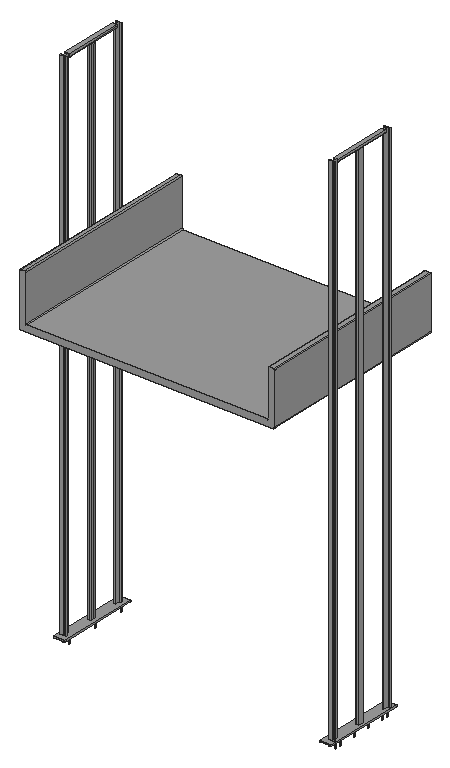
Revit family "1SE_Trez_TC_2C_500_With_Pit", category Specialty Equipment, Revit 2019
Family settings
  Round Connector Dimension = Use Diameter
  Part Type = Normal
  Work Plane-Based = No
  Always vertical = Yes
  Cut with Voids When Loaded = Yes
  Shared = No
  Room Calculation Point = No
Parameters (values of type "Platform-3600x2900mm with Door Height 2500mm")
  Shaft = TREZ_Shaft_Space
  Safe Working Load = 500.00 kg  # constant formula
  Safe Space = if(Cabin or Platform = Cabin, 900.0 mm, if(and(Cabin or Platform = Platform, Door Clear Height > 1900.0 mm), 600.0 mm, 0.0 mm))  # 600.0 mm
  Platform = Speciality_Equipment_Trez_Platform : Platform
  Door Clear Width = Clear Width  # 3600.0 mm
  Door Clear Height = 2500.0 mm
  Clear Width = 3600.0 mm
  URL = "https://trez.bg/en/products/goods-only-lift-tc/tc-2ct-two-cylinders-and-tower/"
  Shaft Width = Real Width + 2 * Clearance  # 4220.0 mm
  Shaft Depth = Real Depth + 100.0 mm  # 3000.0 mm
  Tower Cladding Material = TREZ_Steel_Cladding
  Real Width = if(Clear Width < 1200.0 mm, 1200.0 mm, if(Clear Width > 3600.0 mm, 3600.0 mm, Clear Width))  # 3600.0 mm
  Real Depth = if(Clear Depth < 1200.0 mm, 1200.0 mm, if(Clear Depth > 2900.0 mm, 2900.0 mm, Clear Depth))  # 2900.0 mm
  Profiles Material = TREZ_Steel
  Platform Material = TREZ_Steel
  Pit Height = 120.0 mm  # constant formula
  Travel = 4500.0 mm
  Rail Height = Travel + Pit Height + Headroom  # 7720.0 mm
  Model = "TC 2C 500"
  Manufacturer = "TREZ Ltd."
  Headroom = Door Clear Height + Safe Space  # 3100.0 mm
  Description = "Hydraulic goods only lift with two cylinders."  # constant formula
  Clear Depth = 2900.0 mm
  Created By URL = "https://all1studio.com/"
  Created By = "All 1 Studio Ltd."
  Clearance = 310.0 mm  # constant formula
  Cabin or Platform Back = no
  Cabin or Platform = Speciality_Equipment_Trez_Platform : Platform
  Cabin = Speciality_Equipment_Trez_Cabin : Cabin
Reference planes
  plane 1 "Center (Front/Back)": y = 0
  plane 2: z = 0
  plane 3 "Center (Left/Right)": x = 0
  plane 4: x = -1800
  plane 5: x = 1800
  plane 6: y = 1450
  plane 7: y = -1450
  plane 8: x = 2110
  plane 9: x = -2110
  plane 10: y = 1500
  plane 11: y = -1500
  plane 12: z = 4500
  plane 13 "Top of Lift": z = 7600
  plane 14 "Pit": z = -120
  plane 15: x = -1978.5
  plane 16: x = 1978.5
  plane 17: z = 7540
  plane 18: z = 40
  plane 19: z = -145
Forms (mm)
  Extrusion 1, void
    sketch origin (0, 0, 0) x (1, 0, 0) y (0, 1, 0)
      loop
        line (-2110, 1500) -> (-2110, -1500) -> (2110, -1500) -> (2110, 1500) -> (-2110, 1500)
    from 0 to -120
Lines and regions (mm)
  symbolic lines, style "Platform"
    curve 1: line (-1800, 1450, 0) -> (1800, 1450, 0)
    curve 2: line (-1800, -1450, 0) -> (-1800, 1450, 0)
    curve 3: line (1800, -1450, 0) -> (-1800, -1450, 0)
    curve 4: line (1800, 1450, 0) -> (1800, -1450, 0)
    curve 5: line (-1800, 1450, 0) -> (1800, -1450, 0)
    curve 6: line (1800, 1450, 0) -> (-1800, -1450, 0)
  symbolic lines, style "Shaft Volume"
    curve 7: line (-2110, 1500, 0) -> (2110, 1500, 0)
    curve 8: line (-2110, -1500, 0) -> (-2110, 1500, 0)
    curve 9: line (2110, -1500, 0) -> (-2110, -1500, 0)
    curve 10: line (2110, 1500, 0) -> (2110, -1500, 0)
    curve 11: line (-2110, 0, 7600) -> (2110, 0, 7600)
    curve 12: line (-2110, 0, 0) -> (-2110, 0, 7600)
    curve 13: line (2110, 0, 0) -> (-2110, 0, 0)
    curve 14: line (2110, 0, 7600) -> (2110, 0, 0)
    curve 15: line (0, 1500, 7600) -> (0, -1500, 7600)
    curve 16: line (0, 1500, 0) -> (0, 1500, 7600)
    curve 17: line (0, -1500, 0) -> (0, 1500, 0)
    curve 18: line (0, -1500, 7600) -> (0, -1500, 0)
Dimensions and locks
  equal spacing: plane 4, plane 3 "Center (Left/Right)", plane 5
  "Real Width": plane 4 to plane 5
  equal spacing: plane 7, plane 1 "Center (Front/Back)", plane 6
  "Real Depth": plane 7 to plane 6
  "Travel": plane 12 to level
  "Pit Height": level to plane 14 "Pit"
  "Headroom": plane 13 "Top of Lift" to plane 12
  locked: plane 13 "Top of Lift" to plane 17 at 60
  locked: plane 18 to level at 40
  locked: level to plane 19 at 145
  locked: plane 7 to plane 11 at 50
  plane 6 to plane 10 = 50.0 mm
  locked: plane 9 to plane 15 at 131.5
  locked: plane 16 to plane 8 at 131.5
  "Clearance": plane 5 to plane 8
  "Clearance": plane 9 to plane 4
  aligned and locked: level to plane 2
  aligned and locked: Extrusion 1 to plane 14 "Pit"
  aligned and locked: plane 1 "Center (Front/Back)" to nested 1
  aligned and locked: plane 3 "Center (Left/Right)" to nested 1
  aligned and locked: plane 15 to nested 2
  aligned and locked: nested 3 to plane 16
  aligned and locked: nested 2 to plane 14 "Pit"
  aligned and locked: plane 14 "Pit" to nested 3
  aligned and locked: nested 2 to plane 1 "Center (Front/Back)"
  aligned and locked: nested 3 to plane 1 "Center (Front/Back)"
  aligned and locked: plane 12 to nested 1
  aligned and locked: plane 10 to curve 7
  aligned and locked: plane 9 to curve 8
  aligned and locked: plane 11 to curve 9
  aligned and locked: plane 8 to curve 10
  aligned and locked: curve 11 to plane 13 "Top of Lift"
  aligned and locked: plane 9 to curve 12
  aligned and locked: curve 13 to level
  aligned and locked: plane 8 to curve 14
  aligned and locked: plane 13 "Top of Lift" to curve 15
  aligned and locked: curve 16 to plane 10
  aligned and locked: curve 17 to level
  aligned and locked: curve 18 to plane 11
  aligned and locked: plane 10 to Extrusion 1 sketch curve
  aligned and locked: plane 9 to Extrusion 1 sketch curve
  aligned and locked: plane 11 to Extrusion 1 sketch curve
  aligned and locked: plane 8 to Extrusion 1 sketch curve
Automatic sketch dimensions
  curve 3 to plane 4 = 0.0 mm
  curve 4 to plane 5 = 0.0 mm
  curve 3 to plane 7 = 0.0 mm
  plane 6 to curve 2 = 0.0 mm
Nested families
  nested 1: "Speciality_Equipment_Trez_Platform" at (0, 0, 4500), type <- "Cabin or Platform", type "Platform"
    with Back Board no
  nested 2: "Generic_Model_Trez_Rails" at (-1978.5, 0, -120), type "Rails"
    with Height 7720.0 mm
  nested 3: "Generic_Model_Trez_Rails" at (1978.5, 0, -120) x (-1, 0, 0) z (0, 0, 1), type "Rails"
    with Height 7720.0 mm
Definition of nested family "Speciality_Equipment_Trez_Platform"
  Parameters (values of type "Speciality_Equipment_Trez_Platform")
    Width = 3600.0 mm
    Platform Material = none
    Depth = 2900.0 mm
    Back Board = yes
  Reference planes
    plane 1 "Center (Front/Back)": y = 0
    plane 2 "Bottom": z = 0
    plane 3 "Center (Left/Right)": x = 0
    plane 4: x = 1800
    plane 5: x = -1800
    plane 6: y = 1450
    plane 7: y = -1450
    plane 8: x = -1889
    plane 9: x = 1889
    plane 10: y = 1485
    plane 11: z = -89
    plane 12: z = 709
  Forms (mm)
    Extrusion 1, solid, material <- "Platform Material", visible <- "Back Board"
      sketch origin (0, 0, 0) x (1, 0, 0) y (0, 1, 0)
        loop
          line (-1889, 1485) -> (-1889, 1450) -> (1889, 1450) -> (1889, 1485) -> (-1889, 1485)
      from 0 to 709
    Extrusion 2, solid, material <- "Platform Material", detail levels coarse+medium
      sketch origin (0, 0, 0) x (1, 0, 0) y (0, 0, 1)
        loop
          line (-1800, 709) -> (-1889, 709) -> (-1889, -89) -> (1889, -89) -> (1889, 709) -> (1800, 709) -> (1800, 0) -> (-1800, 0) -> (-1800, 709)
      from -1450 to 1450
    Extrusion 3, solid, material <- "Platform Material", detail levels fine
      sketch origin (0, 0, 0) x (1, 0, 0) y (0, 0, 1)
        loop
          arc (-1874, 709) -> (-1884.607, 704.607) -> (-1889, 694) r 15
          line (-1889, 694) -> (-1889, -74)
          arc (-1889, -74) -> (-1884.607, -84.607) -> (-1874, -89) r 15
          line (-1874, -89) -> (1874, -89)
          arc (1874, -89) -> (1884.607, -84.607) -> (1889, -74) r 15
          line (1889, -74) -> (1889, 694)
          arc (1889, 694) -> (1884.607, 704.607) -> (1874, 709) r 15
          line (1874, 709) -> (1815, 709)
          arc (1815, 709) -> (1804.393, 704.607) -> (1800, 694) r 15
          line (1800, 694) -> (1800, 15)
          arc (1800, 15) -> (1795.607, 4.393) -> (1785, 0) r 15
          line (1785, 0) -> (-1785, 0)
          arc (-1785, 0) -> (-1795.607, 4.393) -> (-1800, 15) r 15
          line (-1800, 15) -> (-1800, 694)
          arc (-1800, 694) -> (-1804.393, 704.607) -> (-1815, 709) r 15
          line (-1815, 709) -> (-1874, 709)
      from -1450 to 1450
  Dimensions and locks
    equal spacing: plane 5, plane 3 "Center (Left/Right)", plane 4
    "Width": plane 5 to plane 4
    equal spacing: plane 7, plane 1 "Center (Front/Back)", plane 6
    "Depth": plane 6 to plane 7
    locked: plane 8 to plane 5 at 89
    locked: plane 4 to plane 9 at 89
    locked: plane 10 to plane 6 at 35
    locked: plane 2 "Bottom" to plane 11 at 89
    locked: plane 12 to plane 2 "Bottom" at 709
    aligned and locked: level to plane 2 "Bottom"
    aligned and locked: Extrusion 1 sketch curve to plane 10
    aligned and locked: plane 8 to Extrusion 1 sketch curve
    aligned and locked: plane 5 to Extrusion 2 sketch curve
    aligned and locked: plane 8 to Extrusion 2 sketch curve
    aligned and locked: Extrusion 2 sketch curve to plane 9
    aligned and locked: Extrusion 2 sketch curve to plane 4
    aligned and locked: Extrusion 2 sketch curve to plane 2 "Bottom"
    aligned and locked: Extrusion 2 sketch curve to plane 11
    aligned and locked: Extrusion 2 sketch curve to plane 12
    aligned and locked: Extrusion 2 to plane 6
    aligned and locked: Extrusion 2 to plane 7
    aligned and locked: Extrusion 3 sketch curve to plane 12
    aligned and locked: plane 8 to Extrusion 3 sketch curve
    aligned and locked: plane 5 to Extrusion 3 sketch curve
    aligned and locked: Extrusion 3 sketch curve to plane 4
    aligned and locked: Extrusion 3 sketch curve to plane 9
    aligned and locked: Extrusion 3 sketch curve to plane 2 "Bottom"
    aligned and locked: Extrusion 3 sketch curve to plane 11
    aligned and locked: Extrusion 3 to plane 7
    aligned and locked: Extrusion 3 to plane 6
  Automatic sketch dimensions
    plane 12 to Extrusion 2 sketch curve = 0.0 mm
    Extrusion 1 sketch curve to plane 6 = 0.0 mm
    Extrusion 1 sketch curve to plane 9 = 0.0 mm
    Extrusion 3 sketch curve to plane 12 = 0.0 mm
    Extrusion 3 sketch curve to Extrusion 3 sketch curve = 15.0 mm  (x4)
    plane 5 to Extrusion 3 sketch curve = 15.0 mm
    Extrusion 3 sketch curve to plane 4 = 15.0 mm
    plane 4 to Extrusion 3 sketch curve = 15.0 mm
    Extrusion 3 sketch curve to plane 9 = 15.0 mm
Definition of nested family "Generic_Model_Trez_Rails"
  Parameters (values of type "SE_Trez_Rails")
    Profiles Material = none
    Height = 8720.0 mm
  Reference planes
    plane 1 "Center (Front/Back)": y = 0
    plane 2: z = 0
    plane 3 "Center (Left/Right)": x = 0
    plane 4: x = 87.2
    plane 5: x = -87.2
    plane 6: y = 607.5
    plane 7: y = -607.5
    plane 8: z = 8720
    plane 9: z = 15
    plane 10: z = 8685
    plane 11: z = -95
  Forms (mm)
    Extrusion 1, solid, material <- "Profiles Material", detail levels fine
      sketch origin (0, 0, 0) x (1, 0, 0) y (0, 1, 0)
        loop
          line (77.2, 607.5) -> (-77.2, 607.5)
          arc (-77.2, 607.5) -> (-84.271, 604.571) -> (-87.2, 597.5) r 10
          line (-87.2, 597.5) -> (-87.2, -597.5)
          arc (-87.2, -597.5) -> (-84.271, -604.571) -> (-77.2, -607.5) r 10
          line (-77.2, -607.5) -> (77.2, -607.5)
          arc (77.2, -607.5) -> (84.271, -604.571) -> (87.2, -597.5) r 10
          line (87.2, -597.5) -> (87.2, 597.5)
          arc (87.2, 597.5) -> (84.271, 604.571) -> (77.2, 607.5) r 10
      from 0 to 15
    Extrusion 2, solid, material <- "Profiles Material", detail levels fine
      sketch origin (0, 0, 0) x (1, 0, 0) y (0, 1, 0)
        loop
          line (-61.5, -517.5) -> (28.5, -517.5) -> (28.5, -509.5) -> (-3.5, -509.5)
          arc (-3.5, -509.5) -> (-7.036, -508.036) -> (-8.5, -504.5) r 5
          line (-8.5, -504.5) -> (-8.5, -442.5) -> (-24.5, -442.5) -> (-24.5, -504.5)
          arc (-24.5, -504.5) -> (-25.964, -508.036) -> (-29.5, -509.5) r 5
          line (-29.5, -509.5) -> (-61.5, -509.5) -> (-61.5, -517.5)
        loop
          line (-37.94, -40) -> (-1.94, -40)
          arc (-1.94, -40) -> (8.667, -35.607) -> (13.06, -25) r 15
          line (13.06, -25) -> (13.06, 25)
          arc (13.06, 25) -> (8.667, 35.607) -> (-1.94, 40) r 15
          line (-1.94, 40) -> (-37.94, 40) -> (-37.94, -40)
        loop
          line (-61.5, 517.5) -> (-61.5, 509.5) -> (-29.5, 509.5)
          arc (-29.5, 509.5) -> (-25.964, 508.036) -> (-24.5, 504.5) r 5
          line (-24.5, 504.5) -> (-24.5, 442.5) -> (-8.5, 442.5) -> (-8.5, 504.5)
          arc (-8.5, 504.5) -> (-7.036, 508.036) -> (-3.5, 509.5) r 5
          line (-3.5, 509.5) -> (28.5, 509.5) -> (28.5, 517.5) -> (-61.5, 517.5)
      from 15 to 8720
    Extrusion 3, solid, material <- "Profiles Material", detail levels fine
      sketch origin (0, 0, 0) x (1, 0, 0) y (0, 0, 1)
        loop
          line (-51.5, 8720) -> (-51.5, 8690)
          arc (-51.5, 8690) -> (-50.036, 8686.464) -> (-46.5, 8685) r 5
          line (-46.5, 8685) -> (13.5, 8685)
          arc (13.5, 8685) -> (17.036, 8686.464) -> (18.5, 8690) r 5
          line (18.5, 8690) -> (18.5, 8720) -> (-51.5, 8720)
      from -442.5 to 442.5
    Extrusion 4, solid, material <- "Profiles Material", detail levels coarse+medium
      sketch origin (0, 0, 0) x (1, 0, 0) y (0, 1, 0)
        loop
          line (87.2, 607.5) -> (-87.2, 607.5) -> (-87.2, -607.5) -> (87.2, -607.5) -> (87.2, 607.5)
      from 0 to 15
    Extrusion 5, solid, material <- "Profiles Material", detail levels coarse+medium
      sketch origin (0, 0, 0) x (1, 0, 0) y (0, 1, 0)
        loop
          line (-61.5, -517.5) -> (28.5, -517.5) -> (28.5, -442.5) -> (-61.5, -442.5) -> (-61.5, -517.5)
        loop
          line (-37.94, -40) -> (13.06, -40) -> (13.06, 40) -> (-37.94, 40) -> (-37.94, -40)
        loop
          line (-61.5, 517.5) -> (-61.5, 442.5) -> (28.5, 442.5) -> (28.5, 517.5) -> (-61.5, 517.5)
      from 15 to 8720
    Extrusion 6, solid, material <- "Profiles Material", detail levels coarse+medium
      sketch origin (0, 0, 0) x (1, 0, 0) y (0, 0, 1)
        loop
          line (-51.5, 8720) -> (-51.5, 8690)
          arc (-51.5, 8690) -> (-50.036, 8686.464) -> (-46.5, 8685) r 5
          line (-46.5, 8685) -> (13.5, 8685)
          arc (13.5, 8685) -> (17.036, 8686.464) -> (18.5, 8690) r 5
          line (18.5, 8690) -> (18.5, 8720) -> (-51.5, 8720)
      from -442.5 to 442.5
    Extrusion 7, solid, material <- "Profiles Material", detail levels fine
      sketch origin (0, 0, 0) x (1, 0, 0) y (0, 1, 0)
        loop
          circle (46.2, 480) r 7.5
        loop
          circle (-43.8, 480) r 7.5
        loop
          circle (-43.8, 390) r 7.5
        loop
          circle (46.2, -480) r 7.5
        loop
          circle (-43.8, -480) r 7.5
        loop
          circle (-43.8, -390) r 7.5
        loop
          circle (-43.8, -130) r 7.5
        loop
          circle (-43.8, 130) r 7.5
        loop
          circle (46.2, 0.052) r 7.5
      from -95 to 0
  Cuts and joins
    joined: Extrusion 2, Extrusion 3
    joined: Extrusion 5, Extrusion 6
  Lines and regions (mm)
    symbolic lines
      curve 1: line (28.5, 442.5, 0) -> (-61.5, 442.5, 0)
      curve 2: line (28.5, 517.5, 0) -> (28.5, 442.5, 0)
      curve 3: line (-61.5, 517.5, 0) -> (28.5, 517.5, 0)
      curve 4: line (-61.5, 442.5, 0) -> (-61.5, 517.5, 0)
      curve 5: line (13.06, 40, 0) -> (-37.94, 40, 0)
      curve 6: line (13.06, -40, 0) -> (13.06, 40, 0)
      curve 7: line (-37.94, -40, 0) -> (13.06, -40, 0)
      curve 8: line (-37.94, 40, 0) -> (-37.94, -40, 0)
      curve 9: line (28.5, -442.5, 0) -> (-61.5, -442.5, 0)
      curve 10: line (28.5, -517.5, 0) -> (28.5, -442.5, 0)
      curve 11: line (-61.5, -517.5, 0) -> (28.5, -517.5, 0)
      curve 12: line (-61.5, -442.5, 0) -> (-61.5, -517.5, 0)
      curve 13: line (87.2, -607.5, 0) -> (-87.2, -607.5, 0)
      curve 14: line (87.2, 607.5, 0) -> (87.2, -607.5, 0)
      curve 15: line (-87.2, 607.5, 0) -> (87.2, 607.5, 0)
      curve 16: line (-87.2, -607.5, 0) -> (-87.2, 607.5, 0)
  Dimensions and locks
    equal spacing: plane 5, plane 3 "Center (Left/Right)", plane 4
    plane 5 to plane 4 = 174.4 mm
    equal spacing: plane 6, plane 1 "Center (Front/Back)", plane 7
    plane 7 to plane 6 = 1215.0 mm
    "Height": plane 8 to plane 2
    locked: plane 9 to plane 2 at 15
    locked: plane 8 to Extrusion 3 sketch curve at 35
    locked: plane 8 to plane 10 at 35
    locked: plane 2 to plane 11 at 95
    aligned and locked: level to plane 2
    aligned and locked: Extrusion 1 sketch curve to plane 6
    aligned and locked: plane 4 to Extrusion 1 sketch curve
    aligned and locked: Extrusion 1 sketch curve to plane 7
    aligned and locked: plane 5 to Extrusion 1 sketch curve
    aligned and locked: plane 8 to Extrusion 2
    aligned and locked: Extrusion 1 to plane 9
    aligned and locked: plane 9 to Extrusion 2
    aligned and locked: Extrusion 4 sketch curve to plane 6
    aligned and locked: plane 4 to Extrusion 4 sketch curve
    aligned and locked: Extrusion 4 sketch curve to plane 7
    aligned and locked: plane 5 to Extrusion 4 sketch curve
    aligned and locked: Extrusion 4 to plane 9
    aligned and locked: Extrusion 4 to plane 2
    aligned and locked: plane 8 to Extrusion 5
    aligned and locked: plane 8 to Extrusion 3 sketch curve
    aligned and locked: Extrusion 3 to Extrusion 5  (x2)
    aligned and locked: Extrusion 7 to plane 11
    aligned and locked: plane 2 to Extrusion 7
  Automatic sketch dimensions
    Extrusion 2 sketch curve to plane 5 = 25.7 mm  (x2)
    Extrusion 2 sketch curve to plane 3 "Center (Left/Right)" = 29.5 mm  (x2)
    Extrusion 2 sketch curve to Extrusion 2 sketch curve = 5.0 mm
    Extrusion 2 sketch curve to plane 3 "Center (Left/Right)" = 24.5 mm
    Extrusion 2 sketch curve to plane 3 "Center (Left/Right)" = 8.5 mm  (x2)
    Extrusion 2 sketch curve to plane 3 "Center (Left/Right)" = 3.5 mm  (x2)
    Extrusion 2 sketch curve to plane 3 "Center (Left/Right)" = 1.94 mm  (x2)
    Extrusion 2 sketch curve to Extrusion 2 sketch curve = 15.0 mm
    plane 3 "Center (Left/Right)" to Extrusion 2 sketch curve = 28.5 mm  (x2)
    plane 7 to Extrusion 2 sketch curve = 90.0 mm
    Extrusion 2 sketch curve to Extrusion 2 sketch curve = 8.0 mm  (x3)
    Extrusion 2 sketch curve to Extrusion 2 sketch curve = 62.0 mm  (x2)
    Extrusion 2 sketch curve to plane 1 "Center (Front/Back)" = 25.0 mm
    plane 6 to Extrusion 2 sketch curve = 165.0 mm
    Extrusion 2 sketch curve to Extrusion 2 sketch curve = 0.0 mm
    Extrusion 2 sketch curve to plane 3 "Center (Left/Right)" = 37.94 mm
    plane 1 "Center (Front/Back)" to Extrusion 2 sketch curve = 40.0 mm
    Extrusion 3 sketch curve to Extrusion 3 sketch curve = 5.0 mm  (x2)
    plane 3 "Center (Left/Right)" to Extrusion 3 sketch curve = 13.5 mm
    Extrusion 3 sketch curve to plane 5 = 40.7 mm
    Extrusion 1 sketch curve to plane 5 = 10.0 mm
    Extrusion 1 sketch curve to Extrusion 1 sketch curve = 10.0 mm
    Extrusion 1 sketch curve to plane 4 = 10.0 mm  (x2)
    Extrusion 5 sketch curve to plane 5 = 25.7 mm  (x2)
    Extrusion 5 sketch curve to plane 3 "Center (Left/Right)" = 37.94 mm
    plane 3 "Center (Left/Right)" to Extrusion 5 sketch curve = 28.5 mm  (x2)
    plane 3 "Center (Left/Right)" to Extrusion 5 sketch curve = 13.06 mm
    plane 7 to Extrusion 5 sketch curve = 90.0 mm
    plane 1 "Center (Front/Back)" to Extrusion 5 sketch curve = 40.0 mm
    plane 6 to Extrusion 5 sketch curve = 165.0 mm
    Extrusion 5 sketch curve to Extrusion 5 sketch curve = 75.0 mm  (x2)
    Extrusion 5 sketch curve to plane 1 "Center (Front/Back)" = 40.0 mm
    Extrusion 6 sketch curve to plane 8 = 0.0 mm
    Extrusion 6 sketch curve to plane 10 = 0.0 mm
    plane 10 to Extrusion 6 sketch curve = 5.0 mm  (x2)
    Extrusion 6 sketch curve to plane 5 = 35.7 mm
    plane 3 "Center (Left/Right)" to Extrusion 6 sketch curve = 13.5 mm
    curve 16 to plane 5 = 0.0 mm
    curve 15 to plane 4 = 0.0 mm
    curve 13 to plane 7 = 0.0 mm
    plane 6 to curve 15 = 0.0 mm
    curve 3 to plane 5 = 25.7 mm
    curve 12 to plane 5 = 25.7 mm
    curve 5 to plane 3 "Center (Left/Right)" = 37.94 mm
    plane 3 "Center (Left/Right)" to curve 5 = 13.06 mm
    plane 3 "Center (Left/Right)" to curve 11 = 28.5 mm
    plane 3 "Center (Left/Right)" to curve 2 = 28.5 mm
    plane 7 to curve 11 = 90.0 mm
    curve 10 to curve 10 = 75.0 mm
    plane 1 "Center (Front/Back)" to curve 7 = 40.0 mm
    curve 5 to plane 1 "Center (Front/Back)" = 40.0 mm
    plane 6 to curve 2 = 165.0 mm
    curve 1 to curve 3 = 75.0 mm
    Extrusion 7 sketch curve to plane 5 = 43.4 mm  (x6)
    Extrusion 7 sketch curve to plane 4 = 41.0 mm  (x3)
    plane 7 to Extrusion 7 sketch curve = 127.5 mm
    Extrusion 7 sketch curve to Extrusion 7 sketch curve = 0.0 mm  (x2)
    Extrusion 7 sketch curve to Extrusion 7 sketch curve = 90.0 mm  (x2)
    plane 6 to Extrusion 7 sketch curve = 217.5 mm
    Extrusion 7 sketch curve to plane 1 "Center (Front/Back)" = 0.052 mm
    plane 1 "Center (Front/Back)" to Extrusion 7 sketch curve = 130.0 mm
    Extrusion 7 sketch curve to plane 1 "Center (Front/Back)" = 130.0 mm
    radius of Extrusion 7 sketch curve = 7.5 mm  (x9)
